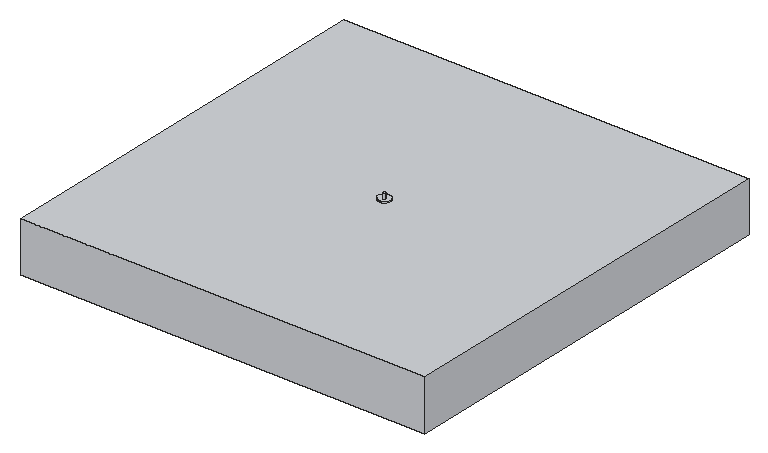
Revit family "M_Sprinkler - Pendente - Semi-embutido - Hospedado", category Sprinklers, Revit 2019
Family settings
  Hospedeiro = Face
  Manter orientação da anotação = Sim
  Cota do conector redondo = Usar raio
  Tipo de parte = Normal
  Número OmniClass = 23.65.70.17.11.24
  Título OmniClass = Fire Fighting Sprinkler Heads
  ID de item do Seek = Sprinkler - Pendent - Semi-Recessed - Hosted-0000-CAN-ENU
  Corte com vazios quando carregada = Não
  Compartilhado = Não
  Ponto de cálculo do ambiente = Não
Parameters (values of type "Pendente de 15 mm")
  Classificação de temperatura = 57 °C
  Símbolo [instance] = M_Sprinkler - Símbolo - Pendente : Sprinkler - Símbolo - Pendente
  Resposta = Padrão
  Queda de pressão [instance] = 48300.0 Pa
  Classe de pressão = Padrão
  Tamanho do orifício = 13 mm
  Orifício = Padrão
  Fator-K = 81
  Fluxo [instance] = 2.0 L/s
  Diâmetro do escudete = 75 mm
  Cobertura = Padrão
  Diâmetro nominal = Raio nominal * 2  # 15 mm
  Raio nominal = 7.5 mm
  Raio do escudete = 0.5 * Diâmetro do escudete  # 37.5 mm
  Protrusão = 30 mm
  Comprimento total = 60 mm
  Espessura do escudete = 3 mm
  Elevação-padrão = 2400 mm
  CEL = 7 mm
  Assembly Code = ""
Types (8, lengths in mm): name | Símbolo | Queda de pressão | Tamanho do orifício | Fator-K | Fluxo | Diâmetro nominal | Raio nominal | Protrusão | Comprimento total | CEL
  Pendente de 15 mm | M_Sprinkler - Símbolo - Pendente : Sprinkler - Símbolo - Pendente | 48300.0 Pa | 13 | 81 | 2.0 L/s | 15 | 7.5 | 30 | 60 | 7
  Pendente em gota de 15 mm | M_Sprinkler - Símbolo - Pendente em gota : Sprinkler - Símbolo - Pendente em gota | 48300.0 Pa | 13 | 81 | 2.0 L/s | 15 | 7.5 | 30 | 60 | 7
  Pendente em gota de 15 mm com proteção | M_Sprinkler - Símbolo - Pendente em gota com proteção : Sprinkler - Símbolo - Pendente em gota com proteção | 48300.0 Pa | 13 | 81 | 2.0 L/s | 15 | 7.5 | 30 | 60 | 7
  Pendente de 15 mm com proteção | M_Sprinkler - Símbolo - Pendente com protetor : Sprinkler - Símbolo - Pendente com proteção | 48300.0 Pa | 13 | 81 | 2.0 L/s | 15 | 7.5 | 30 | 60 | 7
  Pendente de 20 mm | M_Sprinkler - Símbolo - Pendente : Sprinkler - Símbolo - Pendente | 96500.0 Pa | 14 | 115 | 3.0 L/s | 20 | 10 | 34 | 64 | 10
  Pendente em gota de 20 mm | M_Sprinkler - Símbolo - Pendente em gota : Sprinkler - Símbolo - Pendente em gota | 96500.0 Pa | 14 | 115 | 3.0 L/s | 20 | 10 | 34 | 64 | 10
  Pendente em gota de 20 mm com proteção | M_Sprinkler - Símbolo - Pendente em gota com proteção : Sprinkler - Símbolo - Pendente em gota com proteção | 96500.0 Pa | 14 | 115 | 3.0 L/s | 20 | 10 | 34 | 64 | 10
  Pendente de 20 mm com proteção | M_Sprinkler - Símbolo - Pendente com protetor : Sprinkler - Símbolo - Pendente com proteção | 96500.0 Pa | 14 | 115 | 3.0 L/s | 20 | 10 | 34 | 64 | 10
Reference planes
  plane 1 "Centro (Frente/Trás)": y = 0
  plane 2: z = 0
  plane 3 "Centro (Esquerda/Direita)": x = 0
  plane 4: z = -30
  plane 5: z = 3
  plane 6: z = 30
  plane 7: z = -23
Forms (mm)
  Extrusion 1, solid
    sketch origin (0, 0, 0) x (1, 0, 0) y (0, 1, 0)
      loop
        line (-1219.2, 1219.2) -> (-1219.2, -1219.2) -> (1219.2, -1219.2) -> (1219.2, 1219.2) -> (-1219.2, 1219.2)
    from 0 to -304.8
  Extrusion 2, solid
    sketch origin (0, 0, 0) x (1, 0, 0) y (0, 1, 0)
      loop
        circle (0, 0) r 7.5
    from -23 to 30
  Extrusion 3, solid
    sketch origin (0, 0, 0) x (1, 0, 0) y (0, 1, 0)
      loop
        circle (0, 0) r 37.5
    from 0 to 3
Cuts and joins
  joined: Extrusion 2, Extrusion 3
Dimensions and locks
  "Espessura do escudete": plane 5 to level
  "Protrusão": plane 6 to level
  "Comprimento total": plane 6 to plane 4
  "CEL": plane 7 to plane 4
  "Raio nominal": radius of Extrusion 2 sketch curve
  "Raio do escudete": radius of Extrusion 3 sketch curve
  aligned and locked: plane 2 to Extrusion 1
  aligned and locked: level to Extrusion 1
  aligned and locked: Extrusion 3 to level
  aligned and locked: plane 5 to Extrusion 3
  aligned and locked: plane 6 to Extrusion 2
  aligned and locked: Extrusion 2 to plane 7
Automatic sketch dimensions
  Extrusion 2 sketch curve to plane 1 "Centro (Frente/Trás)" = 0 mm
  Extrusion 2 sketch curve to plane 3 "Centro (Esquerda/Direita)" = 0 mm
  Extrusion 3 sketch curve to plane 1 "Centro (Frente/Trás)" = 0 mm
  Extrusion 3 sketch curve to plane 3 "Centro (Esquerda/Direita)" = 0 mm
  Extrusion 1 sketch curve to Extrusion 1 sketch curve = 2438.4 mm  (x2)
Nested families
  nested 1: "M_Sprinkler - Símbolo - Pendente" at (0, 0, 0), type <- "Símbolo", type "Sprinkler - Símbolo - Pendente"
Connectors
  piping at (0, 0, -23), diameter 15, driven by "Raio nominal", driven by "Fluxo", driven by "Queda de pressão"
    settings: on cut or joined group of Extrusion 2, Extrusion 3, index 1, connector inside diameter 15 mm, connector length 0 mm, flow factor 0, pipe flow 2.0 L/s, pressure drop 48300.0 Pa, fitting loss kfactor 0, connector angle 0.00°, fixture units 0, engagement length 0 mm, angle of deflection 0.00°, flow configuration 1, flow direction 1, fitting loss method 4, system type 23, joint type 0, gender type 0, connector reference index -1, connector utility 0, adjustable connector no, is connector primary yes, connector description "In"
Definition of nested family "M_Sprinkler - Símbolo - Pendente"
  Parameters
    Raio do símbolo = 0.5 * Diâmetro do símbolo  # 1.5 mm
    Diâmetro do símbolo = 3 mm
  Reference planes
    plane 1: y = 0
    plane 2: x = 0
  Lines and regions (mm)
    detail lines
      curve 1: circle (0, 0, 0) r 1.5 normal (0, 0, 1)
  Dimensions and locks
    "Raio do símbolo": radius of curve 1
  Automatic sketch dimensions
    curve 1 to plane 1 = 0 mm
    curve 1 to plane 2 = 0 mm
